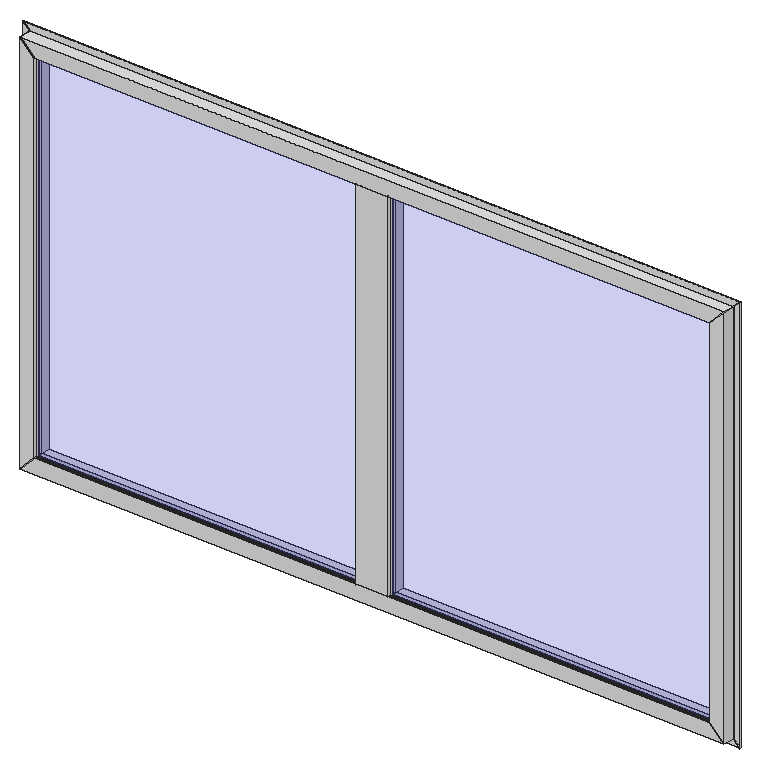
Revit family "511_2H_PW_nailfin", category Windows, host Wall, Revit 2016
Family settings
  Host = Wall
  OmniClass Number = 23.30.20.00
  OmniClass Title = Windows
  Always vertical = Yes
  Cut with Voids When Loaded = No
  Shared = No
  Room Calculation Point = No
Parameters (values of type "120x66")
  Supercap visibility [instance] = ""
  External Color [instance] = White
  Rough Height = 2.33479"
  MLW2 = 2 / 3 * MLW  # 5 1/2"
  MLW = 1 / 8 * Height  # 8 1/4"
  MLH = 1 / 2 * Height  # 33"
  Height = 66"
  Default Sill Height = 31.49606"
  Wall Closure = By host
  Width = 120"
  Internal Color [instance] = White
  Bar set = 1 / 2 * Width  # 60"
Types (140): name | External Color | MLW2 | MLW | MLH | Height | Width | Internal Color | Bar set
  (no name) | White | 5 1/2" | 8 1/4" | 33" | 66" | 120" | White | 60"
  72x36 | none | 3" | 4 1/2" | 18" | 36" | 72" | White | 36"
  48x24 | Adobe | 2" | 3" | 12" | 24" | 48" | Adobe | 24"
  24x12Min | none | 1" | 1 1/2" | 6" | 12" | 24" | White | 12"
  120x72Max | White | 6" | 9" | 36" | 72" | 120" | White | 60"
  108x54 | White | 4 1/2" | 6 3/4" | 27" | 54" | 108" | White | 54"
  96x48 | White | 4" | 6" | 24" | 48" | 96" | White | 48"
  84x42 | White | 3 1/2" | 5 1/4" | 21" | 42" | 84" | White | 42"
  60x30 | Tan | 2 1/2" | 3 3/4" | 15" | 30" | 60" | Tan | 30"
  36x18 | Tan | 1 1/2" | 2 1/4" | 9" | 18" | 36" | Tan | 18"
  24x18 | White | 1 1/2" | 2 1/4" | 9" | 18" | 24" | White | 12"
  24x24 | White | 2" | 3" | 12" | 24" | 24" | White | 12"
  24x30 | White | 2 1/2" | 3 3/4" | 15" | 30" | 24" | White | 12"
  24x36 | White | 3" | 4 1/2" | 18" | 36" | 24" | White | 12"
  24x42 | White | 3 1/2" | 5 1/4" | 21" | 42" | 24" | White | 12"
  24x48 | White | 4" | 6" | 24" | 48" | 24" | White | 12"
  24x54 | White | 4 1/2" | 6 3/4" | 27" | 54" | 24" | White | 12"
  36x12 | Tan | 1" | 1 1/2" | 6" | 12" | 36" | Tan | 18"
  30x12 | Tan | 1" | 1 1/2" | 6" | 12" | 30" | Tan | 15"
  30x18 | Tan | 1 1/2" | 2 1/4" | 9" | 18" | 30" | Tan | 15"
  30x24 | Tan | 2" | 3" | 12" | 24" | 30" | Tan | 15"
  30x30 | Tan | 2 1/2" | 3 3/4" | 15" | 30" | 30" | Tan | 15"
  30x36 | Tan | 3" | 4 1/2" | 18" | 36" | 30" | Tan | 15"
  30x42 | Tan | 3 1/2" | 5 1/4" | 21" | 42" | 30" | Tan | 15"
  30x48 | Tan | 4" | 6" | 24" | 48" | 30" | Tan | 15"
  30x54 | Tan | 4 1/2" | 6 3/4" | 27" | 54" | 30" | Tan | 15"
  30x60 | Tan | 5" | 7 1/2" | 30" | 60" | 30" | Tan | 15"
  36x24 | Tan | 2" | 3" | 12" | 24" | 36" | Tan | 18"
  36x30 | Tan | 2 1/2" | 3 3/4" | 15" | 30" | 36" | Tan | 18"
  36x36 | Tan | 3" | 4 1/2" | 18" | 36" | 36" | Tan | 18"
  36x42 | Tan | 3 1/2" | 5 1/4" | 21" | 42" | 36" | Tan | 18"
  36x48 | Tan | 4" | 6" | 24" | 48" | 36" | Tan | 18"
  36x54 | Tan | 4 1/2" | 6 3/4" | 27" | 54" | 36" | Tan | 18"
  36x60 | Tan | 5" | 7 1/2" | 30" | 60" | 36" | Tan | 18"
  36x66 | Tan | 5 1/2" | 8 1/4" | 33" | 66" | 36" | Tan | 18"
  42x24 | Adobe | 2" | 3" | 12" | 24" | 42" | Adobe | 21"
  42x12 | Adobe | 1" | 1 1/2" | 6" | 12" | 42" | Adobe | 21"
  42x18 | Adobe | 1 1/2" | 2 1/4" | 9" | 18" | 42" | Adobe | 21"
  42x30 | Adobe | 2 1/2" | 3 3/4" | 15" | 30" | 42" | Adobe | 21"
  42x36 | Adobe | 3" | 4 1/2" | 18" | 36" | 42" | Adobe | 21"
  42x42 | Adobe | 3 1/2" | 5 1/4" | 21" | 42" | 42" | Adobe | 21"
  42x48 | Adobe | 4" | 6" | 24" | 48" | 42" | Adobe | 21"
  42x54 | Adobe | 4 1/2" | 6 3/4" | 27" | 54" | 42" | Adobe | 21"
  42x60 | Adobe | 5" | 7 1/2" | 30" | 60" | 42" | Adobe | 21"
  42x66 | Adobe | 5 1/2" | 8 1/4" | 33" | 66" | 42" | Adobe | 21"
  42x72 | Adobe | 6" | 9" | 36" | 72" | 42" | Adobe | 21"
  48x12 | Adobe | 1" | 1 1/2" | 6" | 12" | 48" | Adobe | 24"
  48x18 | Adobe | 1 1/2" | 2 1/4" | 9" | 18" | 48" | Adobe | 24"
  48x30 | Adobe | 2 1/2" | 3 3/4" | 15" | 30" | 48" | Adobe | 24"
  48x36 | Adobe | 3" | 4 1/2" | 18" | 36" | 48" | Adobe | 24"
  48x42 | Adobe | 3 1/2" | 5 1/4" | 21" | 42" | 48" | Adobe | 24"
  48x48 | Adobe | 4" | 6" | 24" | 48" | 48" | Adobe | 24"
  48x54 | Adobe | 4 1/2" | 6 3/4" | 27" | 54" | 48" | Adobe | 24"
  48x60 | Adobe | 5" | 7 1/2" | 30" | 60" | 48" | Adobe | 24"
  48x66 | Adobe | 5 1/2" | 8 1/4" | 33" | 66" | 48" | Adobe | 24"
  48x72 | Adobe | 6" | 9" | 36" | 72" | 48" | Adobe | 24"
  54x18 | Adobe | 1 1/2" | 2 1/4" | 9" | 18" | 54" | Adobe | 27"
  54x24 | Adobe | 2" | 3" | 12" | 24" | 54" | Adobe | 27"
  54x30 | Adobe | 2 1/2" | 3 3/4" | 15" | 30" | 54" | Adobe | 27"
  54x36 | Adobe | 3" | 4 1/2" | 18" | 36" | 54" | Adobe | 27"
  54x42 | Adobe | 3 1/2" | 5 1/4" | 21" | 42" | 54" | Adobe | 27"
  54x48 | Adobe | 4" | 6" | 24" | 48" | 54" | Adobe | 27"
  54x54 | Adobe | 4 1/2" | 6 3/4" | 27" | 54" | 54" | Adobe | 27"
  54x60 | Adobe | 5" | 7 1/2" | 30" | 60" | 54" | Adobe | 27"
  54x66 | Adobe | 5 1/2" | 8 1/4" | 33" | 66" | 54" | Adobe | 27"
  54x72 | Adobe | 6" | 9" | 36" | 72" | 54" | Adobe | 27"
  60x24 | Tan | 2" | 3" | 12" | 24" | 60" | Tan | 30"
  60x36 | Tan | 3" | 4 1/2" | 18" | 36" | 60" | Tan | 30"
  60x42 | Tan | 3 1/2" | 5 1/4" | 21" | 42" | 60" | Tan | 30"
  60x48 | Tan | 4" | 6" | 24" | 48" | 60" | Tan | 30"
  60x54 | Tan | 4 1/2" | 6 3/4" | 27" | 54" | 60" | Tan | 30"
  60x60 | Tan | 5" | 7 1/2" | 30" | 60" | 60" | Tan | 30"
  60x66 | Tan | 5 1/2" | 8 1/4" | 33" | 66" | 60" | Tan | 30"
  60x72 | Tan | 6" | 9" | 36" | 72" | 60" | Tan | 30"
  66x30 | Tan | 2 1/2" | 3 3/4" | 15" | 30" | 66" | Tan | 33"
  66x36 | Tan | 3" | 4 1/2" | 18" | 36" | 66" | Tan | 33"
  66x42 | Tan | 3 1/2" | 5 1/4" | 21" | 42" | 66" | Tan | 33"
  66x48 | Tan | 4" | 6" | 24" | 48" | 66" | Tan | 33"
  66x54 | Tan | 4 1/2" | 6 3/4" | 27" | 54" | 66" | Tan | 33"
  66x60 | Tan | 5" | 7 1/2" | 30" | 60" | 66" | Tan | 33"
  66x66 | Tan | 5 1/2" | 8 1/4" | 33" | 66" | 66" | Tan | 33"
  66x72 | Tan | 6" | 9" | 36" | 72" | 66" | Tan | 33"
  72x42 | none | 3 1/2" | 5 1/4" | 21" | 42" | 72" | White | 36"
  72x48 | none | 4" | 6" | 24" | 48" | 72" | White | 36"
  72x54 | none | 4 1/2" | 6 3/4" | 27" | 54" | 72" | White | 36"
  72x60 | none | 5" | 7 1/2" | 30" | 60" | 72" | White | 36"
  72x66 | none | 5 1/2" | 8 1/4" | 33" | 66" | 72" | White | 36"
  72x72 | none | 6" | 9" | 36" | 72" | 72" | White | 36"
  78x36 | none | 3" | 4 1/2" | 18" | 36" | 78" | White | 39"
  78x42 | none | 3 1/2" | 5 1/4" | 21" | 42" | 78" | White | 39"
  78x48 | none | 4" | 6" | 24" | 48" | 78" | White | 39"
  78x54 | none | 4 1/2" | 6 3/4" | 27" | 54" | 78" | White | 39"
  78x60 | none | 5" | 7 1/2" | 30" | 60" | 78" | White | 39"
  78x66 | none | 5 1/2" | 8 1/4" | 33" | 66" | 78" | White | 39"
  78x72 | none | 6" | 9" | 36" | 72" | 78" | White | 39"
  84x36 | White | 3" | 4 1/2" | 18" | 36" | 84" | White | 42"
  84x48 | White | 4" | 6" | 24" | 48" | 84" | White | 42"
  84x54 | White | 4 1/2" | 6 3/4" | 27" | 54" | 84" | White | 42"
  84x60 | White | 5" | 7 1/2" | 30" | 60" | 84" | White | 42"
  84x66 | White | 5 1/2" | 8 1/4" | 33" | 66" | 84" | White | 42"
  84x72 | White | 6" | 9" | 36" | 72" | 84" | White | 42"
  90x36 | White | 3" | 4 1/2" | 18" | 36" | 90" | White | 45"
  90x42 | White | 3 1/2" | 5 1/4" | 21" | 42" | 90" | White | 45"
  90x48 | White | 4" | 6" | 24" | 48" | 90" | White | 45"
  90x54 | White | 4 1/2" | 6 3/4" | 27" | 54" | 90" | White | 45"
  90x60 | White | 5" | 7 1/2" | 30" | 60" | 90" | White | 45"
  90x66 | White | 5 1/2" | 8 1/4" | 33" | 66" | 90" | White | 45"
  90x72 | White | 6" | 9" | 36" | 72" | 90" | White | 45"
  96x36 | White | 3" | 4 1/2" | 18" | 36" | 96" | White | 48"
  96x42 | White | 3 1/2" | 5 1/4" | 21" | 42" | 96" | White | 48"
  96x54 | White | 4 1/2" | 6 3/4" | 27" | 54" | 96" | White | 48"
  96x60 | White | 5" | 7 1/2" | 30" | 60" | 96" | White | 48"
  96x66 | White | 5 1/2" | 8 1/4" | 33" | 66" | 96" | White | 48"
  96x72 | White | 6" | 9" | 36" | 72" | 96" | White | 48"
  102x36 | White | 3" | 4 1/2" | 18" | 36" | 102" | White | 51"
  102x42 | White | 3 1/2" | 5 1/4" | 21" | 42" | 102" | White | 51"
  102x48 | White | 4" | 6" | 24" | 48" | 102" | White | 51"
  102x54 | White | 4 1/2" | 6 3/4" | 27" | 54" | 102" | White | 51"
  102x60 | White | 5" | 7 1/2" | 30" | 60" | 102" | White | 51"
  102x66 | White | 5 1/2" | 8 1/4" | 33" | 66" | 102" | White | 51"
  102x72 | White | 6" | 9" | 36" | 72" | 102" | White | 51"
  108x36 | White | 3" | 4 1/2" | 18" | 36" | 108" | White | 54"
  108x42 | White | 3 1/2" | 5 1/4" | 21" | 42" | 108" | White | 54"
  108x48 | White | 4" | 6" | 24" | 48" | 108" | White | 54"
  108x60 | White | 5" | 7 1/2" | 30" | 60" | 108" | White | 54"
  108x66 | White | 5 1/2" | 8 1/4" | 33" | 66" | 108" | White | 54"
  108x72 | White | 6" | 9" | 36" | 72" | 108" | White | 54"
  114x36 | White | 3" | 4 1/2" | 18" | 36" | 114" | White | 57"
  114x42 | White | 3 1/2" | 5 1/4" | 21" | 42" | 114" | White | 57"
  114x48 | White | 4" | 6" | 24" | 48" | 114" | White | 57"
  114x54 | White | 4 1/2" | 6 3/4" | 27" | 54" | 114" | White | 57"
  114x60 | White | 5" | 7 1/2" | 30" | 60" | 114" | White | 57"
  114x66 | White | 5 1/2" | 8 1/4" | 33" | 66" | 114" | White | 57"
  114x72 | White | 6" | 9" | 36" | 72" | 114" | White | 57"
  120x36 | White | 3" | 4 1/2" | 18" | 36" | 120" | White | 60"
  120x42 | White | 3 1/2" | 5 1/4" | 21" | 42" | 120" | White | 60"
  120x48 | White | 4" | 6" | 24" | 48" | 120" | White | 60"
  120x54 | White | 4 1/2" | 6 3/4" | 27" | 54" | 120" | White | 60"
  120x60 | White | 5" | 7 1/2" | 30" | 60" | 120" | White | 60"
  120x66 | White | 5 1/2" | 8 1/4" | 33" | 66" | 120" | White | 60"
Reference planes (in)
  plane 1 "Center (Front/Back)": y = 0
  plane 2 "Center (Left/Right)": x = 0
  plane 3 "Left": x = -60
  plane 4 "Right": x = 60
  plane 5 "Sill": z = 31.49606
  plane 6 "Head": z = 97.49606
  plane 7 "Exterior": y = 3.93701
  plane 8 "Interior": y = -3.93701
  plane 9 "Front of wall": y = 3.93701
  plane 10: z = 33.55906
  plane 11: z = 95.43306
  plane 12: x = -57.937
  plane 13: x = 57.937
  plane 14 "Bar set": x = 0
  plane 15: x = -2.437
  plane 16: x = 2.437
Forms (in)
  Extrusion 1, solid, material "White" <- "Internal Color"
    sketch origin (0, 0, 55.49606) x (1, 0, 0) y (0, 1, 0)
      loop
        line (-2.75, 2.26201) -> (-2.75, 1.88701) -> (2.75, 1.88701) -> (2.75, 2.26201) -> (2.937, 2.26201) -> (2.937, 2.51251) -> (2.437, 2.51251) -> (2.437, 3.25701) -> (2.94035, 3.25701) -> (2.94035, 4.78995) -> (1.0271, 4.78995) -> (0.94319, 5.38701) -> (-0.94319, 5.38701) -> (-1.0271, 4.78995) -> (-2.94035, 4.78995) -> (-2.94035, 3.25701) -> (-2.437, 3.25701) -> (-2.437, 2.51251) -> (-2.937, 2.51251) -> (-2.938, 2.26201) -> (-2.75, 2.26201)
    from -24 to 42
  Extrusion 2, solid, material "Glass"
    sketch origin (0, 0, 55.49606) x (1, 0, 0) y (0, 1, 0)
      loop
        line (-2.437, 3.25701) -> (-57.937, 3.25701) -> (-57.937, 2.51251) -> (-2.437, 2.51251) -> (-2.437, 3.25701)
    from -21.937 to 39.937
  Extrusion 3, solid, material "Glass"
    sketch origin (0, 0, 55.49606) x (1, 0, 0) y (0, 1, 0)
      loop
        line (2.437, 3.25701) -> (2.437, 2.51251) -> (57.937, 2.51251) -> (57.937, 3.25701) -> (2.437, 3.25701)
    from -21.937 to 39.937
  Sweep 4, void
    path in 3D
      loop
        line (0, 10.47955, 96.4105) -> (0, 3.93701, 96.4105)
    profile origin (0, 7.20828, 96.4105) x (0, 0, 1) y (-1, 0, 0)
      loop
        line (0.75102, -2.84938) -> (3.00102, -2.84938) -> (3.00102, 3.40062) -> (0.75102, 3.40062) -> (0.75102, -2.84938)
  Sweep 5, void
    path in 3D
      loop
        line (0, 10.6619, 34.64927) -> (0, 3.93701, 34.64927)
    profile origin (0, 7.29946, 34.64927) x (0, 0, 1) y (-1, 0, 0)
      loop
        line (-2.89318, -3.21193) -> (-2.89318, 2.89985) -> (-4.89318, 2.89985) -> (-4.89318, -3.21193) -> (-2.89318, -3.21193)
  Sweep 6, void
    path in 3D
      loop
        line (0, 10.47955, 96.4105) -> (0, 3.93701, 96.4105)
    profile origin (0, 7.20828, 96.4105) x (0, 0, 1) y (-1, 0, 0)
      loop
        line (-1.48075, 4.66942) -> (-1.48075, 1.0271) -> (0.51737, 1.0271) -> (0.51737, -1.0271) -> (-1.48075, -1.0271) -> (-1.48075, -4.313) -> (2.51925, -4.313) -> (2.51925, 4.66942) -> (-1.48075, 4.66942)
  Sweep 7, void
    path in 3D
      loop
        line (0, 10.6619, 34.64927) -> (0, 3.93701, 34.64927)
    profile origin (0, 7.29946, 34.64927) x (0, 0, 1) y (-1, 0, 0)
      loop
        line (-0.58691, -4.39604) -> (-0.58691, -1.0271) -> (-2.58502, -1.0271) -> (-2.58502, 1.0271) -> (-0.58691, 1.0271) -> (-0.58691, 4.35396) -> (-5.33691, 4.35396) -> (-5.33691, -4.39604) -> (-0.58691, -4.39604)
  Extrusion 8, void
    sketch origin (0, 3.93701, 0) x (1, 0, 0) y (0, 0, 1)
      loop
        line (-4.19035, 34.05906) -> (-4.19035, 30.93556) -> (3.938, 30.93556) -> (3.938, 34.05906) -> (2.75, 34.05906) -> (2.75, 33.87106) -> (-2.75, 33.87106) -> (-2.75, 34.05906) -> (-4.19035, 34.05906)
    from 0 to 12
  Extrusion 9, void
    sketch origin (0, 3.93701, 0) x (1, 0, 0) y (0, 0, 1)
      loop
        line (-3.5, 94.93306) -> (-2.75, 94.93306) -> (-2.75, 95.12106) -> (2.75, 95.12106) -> (2.75, 94.93306) -> (3.5, 94.93306) -> (3.5, 97.95213) -> (-3.5, 97.95213) -> (-3.5, 94.93306)
    from 0 to 12
  Extrusion 10, solid, material "White" <- "Internal Color"
    sketch origin (0, 0, 0) x (0, 0, 1) y (0, 1, 0)
      loop
        line (34.05906, 2.51251) -> (33.55906, 2.51251) -> (33.55906, 3.25701) -> (34.06237, 3.25701) -> (34.06237, 4.78995) -> (32.14816, 4.78995) -> (32.06425, 5.38701) -> (31.47606, 5.38701) -> (31.47606, 5.26201) -> (31.51606, 5.26201) -> (31.51606, 5.10257) -> (31.49606, 5.07401) -> (31.49606, 4.01201) -> (30.37106, 4.01201) -> (30.37106, 3.93701) -> (31.49606, 3.93701) -> (31.49606, 1.88701) -> (33.87106, 1.88701) -> (33.87106, 2.26201) -> (34.05906, 2.26201) -> (34.05906, 2.51251)
    from -61.125 to 61.125
  Extrusion 11, solid, material "White" <- "Internal Color"
    sketch origin (0, 0, 0) x (0, 0, 1) y (0, 1, 0)
      loop
        line (97.47606, 5.10257) -> (97.47606, 5.26201) -> (97.51606, 5.26201) -> (97.51606, 5.38701) -> (96.92787, 5.38701) -> (96.84396, 4.78995) -> (94.93098, 4.78995) -> (94.93098, 3.25701) -> (95.43306, 3.25701) -> (95.43306, 2.51251) -> (94.93306, 2.51251) -> (94.93306, 2.26201) -> (95.12106, 2.26201) -> (95.12106, 1.88701) -> (97.49606, 1.88701) -> (97.49606, 3.93701) -> (98.62106, 3.93701) -> (98.62106, 4.01201) -> (97.49606, 4.01201) -> (97.49606, 5.07401) -> (97.47606, 5.10257)
    from -61.125 to 61.125
  Extrusion 12, solid, material "White" <- "Internal Color"
    sketch origin (0, 0, 31.49606) x (0, -1, 0) y (1, 0, 0)
      loop
        line (-2.51251, -57.437) -> (-2.51251, -57.937) -> (-3.25701, -57.937) -> (-3.25701, -57.41365) -> (-4.78995, -57.41365) -> (-4.78995, -59.3479) -> (-5.38701, -59.43181) -> (-5.38701, -60.02) -> (-5.26201, -60.02) -> (-5.26201, -59.98) -> (-5.10257, -59.98) -> (-5.07401, -60) -> (-4.01201, -60) -> (-4.01201, -61.125) -> (-3.93701, -61.125) -> (-3.93701, -60) -> (-1.88701, -60) -> (-1.88701, -57.625) -> (-2.26201, -57.625) -> (-2.26201, -57.437) -> (-2.51251, -57.437)
    from -1.125 to 67.125
  Extrusion 13, solid, material "White" <- "Internal Color"
    sketch origin (0, 0, 31.49606) x (0, -1, 0) y (1, 0, 0)
      loop
        line (-5.10257, 59.98) -> (-5.26201, 59.98) -> (-5.26201, 60.02) -> (-5.38701, 60.02) -> (-5.38701, 59.43181) -> (-4.78995, 59.3479) -> (-4.78995, 57.43492) -> (-3.25701, 57.43492) -> (-3.25701, 57.937) -> (-2.51251, 57.937) -> (-2.51251, 57.437) -> (-2.26201, 57.437) -> (-2.26201, 57.625) -> (-1.88701, 57.625) -> (-1.88701, 60) -> (-3.93701, 60) -> (-3.93701, 61.125) -> (-4.01201, 61.125) -> (-4.01201, 60) -> (-5.07401, 60) -> (-5.10257, 59.98)
    from -1.125 to 67.125
  Sweep 14, void
    path in 3D
      loop
        line (-58.75, 10.47955, 97.49606) -> (-58.75, 3.93701, 97.49606)
    profile origin (-58.75, 7.20828, 97.49606) x (1, 0, 0) y (0, 0, 1)
      loop
        line (1.75, -2.56508) -> (1.75, 1.90792) -> (-3.15792, 1.90792) -> (-0.5979, -0.6521) -> (-0.5979, -2.56508) -> (1.75, -2.56508)
  Sweep 15, void
    path in 3D
      loop
        line (-58.75, 10.47955, 97.49606) -> (-58.75, 3.93701, 97.49606)
    profile origin (-58.75, 7.20828, 97.49606) x (1, 0, 0) y (0, 0, 1)
      loop
        line (-0.5979, -3.32499) -> (-0.5979, -0.6521) -> (-2.59439, 1.34439) -> (-2.59439, -3.32499) -> (-0.5979, -3.32499)
  Sweep 16, void
    path in 3D
      loop
        line (-57, 10.47955, 31.49606) -> (-57, 3.93701, 31.49606)
    profile origin (-57, 7.20828, 31.49606) x (1, 0, 0) y (0, 0, 1)
      loop
        line (1, 2.56631) -> (-2.3479, 2.56631) -> (-2.3479, 0.6521) -> (-4.99955, -1.99955) -> (1, -1.99955) -> (1, 2.56631)
  Sweep 17, void
    path in 3D
      loop
        line (-57, 10.47955, 31.49606) -> (-57, 3.93701, 31.49606)
    profile origin (-57, 7.20828, 31.49606) x (1, 0, 0) y (0, 0, 1)
      loop
        line (-4.66232, -1.66232) -> (-2.3479, 0.6521) -> (-2.3479, 3.6521) -> (-4.66232, 3.6521) -> (-4.66232, -1.66232)
  Sweep 18, void
    path in 3D
      loop
        line (59.25887, 8.33775, 31.49606) -> (59.25887, 3.93701, 31.49606)
    profile origin (59.25887, 6.13738, 31.49606) x (1, 0, 0) y (0, 0, 1)
      loop
        line (-3.00887, 2.56631) -> (-3.00887, -1.33868) -> (2.07981, -1.33868) -> (0.08903, 0.6521) -> (0.08903, 2.56631) -> (-3.00887, 2.56631)
  Sweep 19, void
    path in 3D
      loop
        line (59.25887, 8.33775, 31.49606) -> (59.25887, 3.93701, 31.49606)
    profile origin (59.25887, 6.13738, 31.49606) x (1, 0, 0) y (0, 0, 1)
      loop
        line (0.08903, 3.14112) -> (0.08903, 0.6521) -> (2.29937, -1.55824) -> (2.29937, 3.14112) -> (0.08903, 3.14112)
  Extrusion 20, void
    sketch origin (0, 3.93701, 0) x (1, 0, 0) y (0, 0, 1)
      loop
        line (-57, 94.93306) -> (-57, 100.07081) -> (-62.57475, 100.07081) -> (-57.625, 95.12106) -> (-57.625, 94.93306) -> (-57, 94.93306)
    from 0 to 12
  Extrusion 21, void
    sketch origin (0, 3.93701, 0) x (1, 0, 0) y (0, 0, 1)
      loop
        line (-57.625, 93.99606) -> (-57.625, 95.12106) -> (-61.44686, 98.94293) -> (-61.44686, 93.99606) -> (-57.625, 93.99606)
    from 0 to 12
  Extrusion 22, void
    sketch origin (0, 3.93701, 0) x (1, 0, 0) y (0, 0, 1)
      loop
        line (55.75, 94.93306) -> (57.625, 94.93306) -> (57.625, 95.12106) -> (63.63541, 101.13147) -> (55.75, 101.13147) -> (55.75, 94.93306)
    from 0 to 12
  Extrusion 23, void
    sketch origin (0, 3.93701, 0) x (1, 0, 0) y (0, 0, 1)
      loop
        line (57.625, 94.24606) -> (62.25, 94.24606) -> (62.25, 99.74606) -> (57.625, 95.12106) -> (57.625, 94.24606)
    from 0 to 12
  Extrusion 24, void
    sketch origin (0, 3.93701, 0) x (1, 0, 0) y (0, 0, 1)
      loop
        line (56.25, 34.05906) -> (56.25, 29.27487) -> (62.22119, 29.27487) -> (57.625, 33.87106) -> (57.625, 34.05906) -> (56.25, 34.05906)
    from 0 to 12
  Extrusion 25, void
    sketch origin (0, 3.93701, 0) x (1, 0, 0) y (0, 0, 1)
      loop
        line (57.625, 35.24606) -> (57.625, 33.87106) -> (62.39797, 29.09809) -> (62.39797, 35.24606) -> (57.625, 35.24606)
    from 0 to 12
  Extrusion 26, void
    sketch origin (0, 3.93701, 0) x (1, 0, 0) y (0, 0, 1)
      loop
        line (-55.75, 34.05906) -> (-57.625, 34.05906) -> (-57.625, 33.87106) -> (-61.687, 29.80906) -> (-55.75, 29.80906) -> (-55.75, 34.05906)
    from 0 to 12
  Extrusion 27, void
    sketch origin (0, 3.93701, 0) x (1, 0, 0) y (0, 0, 1)
      loop
        line (-57.625, 35.24606) -> (-61.69086, 35.24606) -> (-61.69086, 29.8052) -> (-57.625, 33.87106) -> (-57.625, 35.24606)
    from 0 to 12
  Sweep 28, void
    path in 3D
      loop
        line (56.43708, 8.9863, 97.49606) -> (56.43708, 3.93701, 97.49606)
    profile origin (56.43708, 6.46166, 97.49606) x (1, 0, 0) y (0, 0, 1)
      loop
        line (0.20892, -2.56508) -> (2.91082, -2.56508) -> (2.91082, -0.65211) -> (5.20892, 1.64599) -> (0.20892, 1.64599) -> (0.20892, -2.56508)
  Sweep 29, void
    path in 3D
      loop
        line (56.43708, 8.9863, 97.49606) -> (56.43708, 3.93701, 97.49606)
    profile origin (56.43708, 6.46166, 97.49606) x (1, 0, 0) y (0, 0, 1)
      loop
        line (2.91082, -3.86782) -> (5.38569, -3.86782) -> (5.38569, 1.82277) -> (2.91082, -0.6521) -> (2.91082, -3.86782)
Cuts and joins
  Sweep 4, Sweep 5, Sweep 6, Sweep 7, Extrusion 8, Extrusion 9 cuts Extrusion 1
  Extrusion 9 cuts Extrusion 2
  Extrusion 9 cuts Extrusion 3
  Sweep 18, Extrusion 22, Extrusion 24, Sweep 28 cuts Extrusion 13
  Sweep 15, Extrusion 21, Extrusion 23, Sweep 29 cuts Extrusion 11
  Sweep 14, Sweep 16, Extrusion 20, Extrusion 26 cuts Extrusion 12
  Sweep 17, Sweep 19, Extrusion 25, Extrusion 27 cuts Extrusion 10
Lines and regions (in)
  Opening 1
    outline origin (137.79528, -3.93701, 0) x (1, 0, 0) y (0, 0, 1)
      loop
        line (-77.79528, 31.49606) -> (-77.79528, 97.49606) -> (-197.79528, 97.49606) -> (-197.79528, 31.49606) -> (-77.79528, 31.49606)
  reference lines
    curve 1: line (60, 3.93701, 97.49606) -> (-60, 3.93701, 97.49606)
    curve 2: line (-60, 3.93701, 97.49606) -> (-60, 3.93701, 31.49606)
    curve 3: line (-60, 3.93701, 31.49606) -> (60, 3.93701, 31.49606)
    curve 4: line (60, 3.93701, 31.49606) -> (60, 3.93701, 97.49606)
    curve 5: line (0, 10.6619, 34.64927) -> (0, 3.93701, 34.64927)
    curve 6: line (0, 10.47955, 96.4105) -> (0, 3.93701, 96.4105)
    curve 11: line (-58.75, 10.47955, 97.49606) -> (-58.75, 3.93701, 97.49606)
    curve 12: line (-57, 10.47955, 31.49606) -> (-57, 3.93701, 31.49606)
    curve 13: line (59.25887, 8.33775, 31.49606) -> (59.25887, 3.93701, 31.49606)
    curve 20: line (56.43708, 8.9863, 97.49606) -> (56.43708, 3.93701, 97.49606)
    curve 23: line (-27.5, 3.93701, 66.99606) -> (-32.5, 3.93701, 66.99606)
    curve 24: line (-27.5, 3.93701, 61.99606) -> (-27.5, 3.93701, 66.99606)
    curve 25: line (-32.5, 3.93701, 61.99606) -> (-27.5, 3.93701, 61.99606)
    curve 26: line (-32.5, 3.93701, 66.99606) -> (-32.5, 3.93701, 61.99606)
    curve 30: line (-30, 3.93701, 61.99606) -> (-30, 3.93701, 68.49606)
    curve 31: line (-27.5, 3.93701, 64.49606) -> (-35, 3.93701, 64.49606)
    curve 32: line (32.5, 3.93701, 66.99606) -> (27.5, 3.93701, 66.99606)
    curve 33: line (32.5, 3.93701, 61.99606) -> (32.5, 3.93701, 66.99606)
    curve 34: line (27.5, 3.93701, 61.99606) -> (32.5, 3.93701, 61.99606)
    curve 35: line (27.5, 3.93701, 66.99606) -> (27.5, 3.93701, 61.99606)
    curve 39: line (30, 3.93701, 61.99606) -> (30, 3.93701, 68.49606)
    curve 40: line (32.5, 3.93701, 64.49606) -> (25, 3.93701, 64.49606)
    curve 41: line (32.5, 0, 66.99606) -> (27.5, 0, 66.99606)
    curve 42: line (32.5, 0, 61.99606) -> (32.5, 0, 66.99606)
    curve 43: line (27.5, 0, 61.99606) -> (32.5, 0, 61.99606)
    curve 44: line (27.5, 0, 66.99606) -> (27.5, 0, 61.99606)
    curve 45: line (30, 0, 61.99606) -> (30, 0, 68.49606)
    curve 46: line (32.5, 0, 64.49606) -> (25, 0, 64.49606)
    curve 47: line (-27.5, 0, 66.99606) -> (-32.5, 0, 66.99606)
    curve 48: line (-27.5, 0, 61.99606) -> (-27.5, 0, 66.99606)
    curve 49: line (-32.5, 0, 61.99606) -> (-27.5, 0, 61.99606)
    curve 50: line (-32.5, 0, 66.99606) -> (-32.5, 0, 61.99606)
    curve 51: line (-30, 0, 61.99606) -> (-30, 0, 68.49606)
    curve 52: line (-27.5, 0, 64.49606) -> (-35, 0, 64.49606)
  sketch lines
    curve 7: line (0, 10.47955, 96.4105) -> (0, 3.93701, 96.4105)
    curve 8: line (0, 10.6619, 34.64927) -> (0, 3.93701, 34.64927)
    curve 9: line (0, 10.47955, 96.4105) -> (0, 3.93701, 96.4105)
    curve 10: line (0, 10.6619, 34.64927) -> (0, 3.93701, 34.64927)
    curve 14: line (-58.75, 10.47955, 97.49606) -> (-58.75, 3.93701, 97.49606)
    curve 15: line (-58.75, 10.47955, 97.49606) -> (-58.75, 3.93701, 97.49606)
    curve 16: line (-57, 10.47955, 31.49606) -> (-57, 3.93701, 31.49606)
    curve 17: line (-57, 10.47955, 31.49606) -> (-57, 3.93701, 31.49606)
    curve 18: line (59.25887, 8.33775, 31.49606) -> (59.25887, 3.93701, 31.49606)
    curve 19: line (59.25887, 8.33775, 31.49606) -> (59.25887, 3.93701, 31.49606)
    curve 21: line (56.43708, 8.9863, 97.49606) -> (56.43708, 3.93701, 97.49606)
    curve 22: line (56.43708, 8.9863, 97.49606) -> (56.43708, 3.93701, 97.49606)
  model lines
    curve 27: line (-27.5, 3.93701, 66.99606) -> (-32.5, 3.93701, 61.99606)
    curve 28: line (-32.5, 3.93701, 64.49606) -> (-30, 3.93701, 66.99606)
    curve 29: line (-30, 3.93701, 61.99606) -> (-27.5, 3.93701, 64.49606)
    curve 36: line (32.5, 3.93701, 66.99606) -> (27.5, 3.93701, 61.99606)
    curve 37: line (27.5, 3.93701, 64.49606) -> (30, 3.93701, 66.99606)
    curve 38: line (30, 3.93701, 61.99606) -> (32.5, 3.93701, 64.49606)
  symbolic lines
    curve 53: line (-30, 0, 61.99606) -> (-27.5, 0, 64.49606)
    curve 54: line (-32.5, 0, 61.99606) -> (-27.5, 0, 66.99606)
    curve 55: line (-32.5, 0, 64.49606) -> (-30, 0, 66.99606)
    curve 56: line (30, 0, 61.99606) -> (32.5, 0, 64.49606)
    curve 57: line (27.5, 0, 61.99606) -> (32.5, 0, 66.99606)
    curve 58: line (27.5, 0, 64.49606) -> (30, 0, 66.99606)
Text (in)
  text "EXTERIOR" at (-77.29147, 52.45485, 0), in view "Ref. Level"
  text "INTERIOR" at (-78.01048, -32.21994, 0), in view "Ref. Level"
  text "Exterior" at (0, 36.36817, 115.8778), in view "Right"
  text "Exterior" at (0, 40.96394, 105.72475), in view "Left"
Dimensions and locks (in)
  equal spacing: plane 3 "Left", plane 2 "Center (Left/Right)", plane 4 "Right"
  "Width": plane 3 "Left" to plane 4 "Right"
  "Height": plane 5 "Sill" to plane 6 "Head"
  "Default Sill Height": plane 5 "Sill" to level
  locked: plane 7 "Exterior" to host wall at 0
  locked: plane 8 "Interior" to host wall
  locked: plane 5 "Sill" to plane 10 at 2.063
  locked: plane 11 to plane 6 "Head" at 2.063
  locked: plane 13 to plane 4 "Right" at 2.063
  locked: plane 3 "Left" to plane 12 at 2.063
  "Bar set": plane 14 "Bar set" to plane 4 "Right"
  plane 15 to plane 14 "Bar set" = 2.437"
  plane 14 "Bar set" to plane 16 = 2.437"
  locked: Extrusion 1 sketch curve to plane 14 "Bar set" at 1.0271
  locked: plane 14 "Bar set" to Extrusion 1 sketch curve at 1.0271
  locked: Extrusion 1 sketch curve to plane 14 "Bar set" at 2.75
  locked: plane 14 "Bar set" to Extrusion 1 sketch curve at 2.75
  locked: Extrusion 10 sketch curve to plane 5 "Sill" at 1.125
  locked: plane 9 "Front of wall" to Extrusion 10 sketch curve at 2.05
  locked: Extrusion 10 sketch curve to Extrusion 10 sketch curve at 2.375
  locked: plane 6 "Head" to Extrusion 11 sketch curve at 1.125
  locked: plane 9 "Front of wall" to Extrusion 11 sketch curve at 2.05
  locked: Extrusion 11 sketch curve to Extrusion 11 sketch curve at 2.375
  locked: Extrusion 12 sketch curve to plane 3 "Left" at 1.125
  locked: Extrusion 12 sketch curve to plane 9 "Front of wall" at 2.05
  locked: Extrusion 12 sketch curve to Extrusion 12 sketch curve at 2.375
  locked: plane 4 "Right" to Extrusion 13 sketch curve at 1.125
  locked: Extrusion 13 sketch curve to plane 9 "Front of wall" at 2.05
  locked: Extrusion 13 sketch curve to Extrusion 13 sketch curve at 2.375
  plane 5 "Sill" to plane 6 "Head" = 66"
  plane 3 "Left" to plane 14 "Bar set" = 60"
  plane 14 "Bar set" to plane 4 "Right" = 60"
  equal spacing: curve 28, curve 27, curve 29
  locked: curve 24 to curve 26 at 5
  locked: curve 25 to curve 23 at 5
  equal spacing: curve 26, curve 30, curve 24
  equal spacing: plane 3 "Left", curve 30, plane 14 "Bar set"
  equal spacing: curve 25, curve 31, curve 23
  equal spacing: plane 5 "Sill", curve 31, plane 6 "Head"
  equal spacing: curve 37, curve 36, curve 38
  locked: curve 33 to curve 35 at 5
  locked: curve 34 to curve 32 at 5
  equal spacing: curve 35, curve 39, curve 33
  equal spacing: curve 34, curve 40, curve 32
  equal spacing: plane 14 "Bar set", curve 39, plane 4 "Right"
  equal spacing: plane 5 "Sill", curve 40, plane 6 "Head"
  locked: curve 42 to curve 44 at 5
  locked: curve 43 to curve 41 at 5
  equal spacing: curve 44, curve 45, curve 42
  equal spacing: curve 43, curve 46, curve 41
  equal spacing: plane 6 "Head", curve 46, plane 5 "Sill"
  equal spacing: plane 14 "Bar set", curve 45, plane 4 "Right"
  locked: curve 48 to curve 50 at 5
  locked: curve 49 to curve 47 at 5
  equal spacing: curve 50, curve 51, curve 48
  equal spacing: curve 49, curve 52, curve 47
  equal spacing: plane 3 "Left", curve 51, plane 14 "Bar set"
  equal spacing: plane 6 "Head", curve 52, plane 5 "Sill"
  aligned and locked: plane 9 "Front of wall" to host wall
  aligned and locked: plane 6 "Head" to curve 1
  aligned and locked: plane 4 "Right" to curve 4
  aligned and locked: curve 2 to plane 3 "Left"
  aligned and locked: curve 3 to plane 5 "Sill"
  aligned and locked: plane 15 to Extrusion 2 sketch curve
  aligned and locked: Extrusion 2 sketch curve to plane 12
  aligned and locked: plane 16 to Extrusion 3 sketch curve
  aligned and locked: Extrusion 3 sketch curve to plane 13
  aligned and locked: plane 10 to Extrusion 3
  aligned and locked: Extrusion 3 to plane 11
  aligned and locked: Extrusion 2 to plane 11
  aligned and locked: plane 10 to Extrusion 2
  aligned and locked: Extrusion 1 to plane 6 "Head"
  aligned and locked: plane 5 "Sill" to Extrusion 1
  aligned and locked: plane 9 "Front of wall" to curve 6
  aligned and locked: plane 9 "Front of wall" to curve 5
  aligned and locked: Extrusion 1 sketch curve to plane 15
  aligned and locked: plane 16 to Extrusion 1 sketch curve
  aligned and locked: plane 5 "Sill" to Extrusion 10 sketch curve  (x2)
  aligned and locked: plane 9 "Front of wall" to Extrusion 10 sketch curve
  aligned and locked: Extrusion 10 sketch curve to plane 10
  aligned and locked: Extrusion 11 sketch curve to plane 6 "Head"  (x2)
  aligned and locked: Extrusion 11 sketch curve to host wall
  aligned and locked: plane 11 to Extrusion 11 sketch curve
  aligned and locked: Extrusion 12 sketch curve to plane 12
  aligned and locked: plane 3 "Left" to Extrusion 12 sketch curve  (x2)
  aligned and locked: plane 9 "Front of wall" to Extrusion 12 sketch curve
  aligned and locked: Extrusion 13 sketch curve to plane 4 "Right"  (x2)
  aligned and locked: plane 9 "Front of wall" to Extrusion 13 sketch curve
  aligned and locked: Extrusion 10 to Extrusion 12  (x2)
  aligned and locked: Extrusion 13 to Extrusion 10  (x2)
  aligned and locked: Extrusion 12 to Extrusion 11  (x2)
  aligned and locked: Extrusion 11 to Extrusion 13  (x2)
  aligned and locked: plane 9 "Front of wall" to curve 13
  aligned and locked: plane 9 "Front of wall" to curve 11
  aligned and locked: plane 9 "Front of wall" to curve 12
  aligned and locked: plane 9 "Front of wall" to curve 20
  aligned and locked: curve 23 to curve 26
  aligned and locked: curve 26 to curve 26
  aligned and locked: curve 24 to curve 24
  aligned and locked: curve 26 to curve 27
  aligned and locked: curve 27 to curve 23
  aligned and locked: curve 23 to curve 28
  aligned and locked: curve 26 to curve 28
  aligned and locked: curve 25 to curve 29
  aligned and locked: curve 24 to curve 29
  aligned and locked: curve 32 to curve 35
  aligned and locked: curve 35 to curve 35
  aligned and locked: curve 33 to curve 33
  aligned and locked: curve 35 to curve 36
  aligned and locked: curve 36 to curve 32
  aligned and locked: curve 32 to curve 37
  aligned and locked: curve 35 to curve 37
  aligned and locked: curve 34 to curve 38
  aligned and locked: curve 33 to curve 38
  aligned and locked: curve 41 to curve 44
  aligned and locked: curve 44 to curve 44
  aligned and locked: curve 42 to curve 42
  aligned and locked: curve 47 to curve 50
  aligned and locked: curve 50 to curve 50
  aligned and locked: curve 48 to curve 48
  aligned and locked: curve 48 to curve 53
  aligned and locked: curve 49 to curve 53
  aligned and locked: curve 54 to curve 49
  aligned and locked: curve 54 to curve 47
  aligned and locked: curve 47 to curve 55
  aligned and locked: curve 50 to curve 55
  aligned and locked: curve 42 to curve 56
  aligned and locked: curve 43 to curve 56
  aligned and locked: curve 57 to curve 43
  aligned and locked: curve 44 to curve 58
  aligned and locked: curve 42 to curve 57
  aligned and locked: curve 41 to curve 58
Automatic sketch dimensions
  curve 5 to plane 10 = 1.09021"
  curve 6 to plane 11 = 0.97744"
  curve 6 to curve 6 = 6.54254"
  curve 5 to curve 5 = 6.7249"
  Sweep 4 sketch curve to profile plane = 0.75102"
  Sweep 4 sketch curve to Sweep 4 sketch curve = 2 1/4"
  Sweep 4 sketch curve to profile plane = 2.84938"
  profile plane to Sweep 4 sketch curve = 3.40062"
  profile plane to Sweep 5 sketch curve = 4.89318"
  Sweep 5 sketch curve to Sweep 5 sketch curve = 2"
  Sweep 5 sketch curve to profile plane = 3.21193"
  profile plane to Sweep 5 sketch curve = 2.89985"
  profile plane to Sweep 6 sketch curve = 1.48075"  (x2)
  Sweep 6 sketch curve to profile plane = 0.51737"
  Sweep 6 sketch curve to profile plane = 2.51925"
  Sweep 6 sketch curve to profile plane = 4.313"
  Sweep 6 sketch curve to profile plane = 1.0271"
  profile plane to Sweep 6 sketch curve = 1.0271"
  Sweep 6 sketch curve to Sweep 6 sketch curve = 3.64232"
  profile plane to Sweep 7 sketch curve = 5.33691"
  Sweep 7 sketch curve to profile plane = 1.0271"
  profile plane to Sweep 7 sketch curve = 2.58502"
  profile plane to Sweep 7 sketch curve = 0.58691"  (x2)
  Sweep 7 sketch curve to Sweep 7 sketch curve = 3.36894"
  profile plane to Sweep 7 sketch curve = 1.0271"
  Sweep 7 sketch curve to Sweep 7 sketch curve = 3.32686"
  plane 12 to Extrusion 12 sketch curve = 1.49481"
  Extrusion 12 sketch curve to Extrusion 12 sketch curve = 1/8"
  plane 12 to Extrusion 12 sketch curve = 2.043"
  Extrusion 12 sketch curve to Extrusion 12 sketch curve = 0.15944"
  Extrusion 12 sketch curve to Extrusion 12 sketch curve = 0.02856"
  Extrusion 12 sketch curve to Extrusion 12 sketch curve = 0.59706"
  plane 12 to Extrusion 12 sketch curve = 1.4109"
  Extrusion 12 sketch curve to Extrusion 12 sketch curve = 0.77794"
  Extrusion 12 sketch curve to Extrusion 12 sketch curve = 0.075"
  Extrusion 12 sketch curve to Extrusion 12 sketch curve = 0.2505"
  Extrusion 12 sketch curve to Extrusion 12 sketch curve = 0.04"
  Extrusion 12 sketch curve to Extrusion 12 sketch curve = 0.188"
  curve 12 to plane 12 = 0.937"
  host wall to curve 12 = 6.54254"
  plane 4 "Right" to curve 13 = 0.74113"
  host wall to curve 13 = 4.40075"
  profile plane to Sweep 14 sketch curve = 3.15792"
  profile plane to Sweep 14 sketch curve = 0.5979"
  Sweep 14 sketch curve to profile plane = 2.56508"
  Sweep 14 sketch curve to profile plane = 0.6521"
  profile plane to Sweep 14 sketch curve = 1.90792"
  Sweep 14 sketch curve to profile plane = 1 3/4"
  profile plane to Sweep 15 sketch curve = 2.59439"
  profile plane to Sweep 15 sketch curve = 0.5979"
  Sweep 15 sketch curve to profile plane = 0.6521"
  profile plane to Sweep 15 sketch curve = 1.34439"
  Sweep 15 sketch curve to Sweep 15 sketch curve = 2.67289"
  Sweep 16 sketch curve to profile plane = 1.99955"
  profile plane to Sweep 16 sketch curve = 4.99955"
  profile plane to Sweep 16 sketch curve = 0.6521"
  profile plane to Sweep 16 sketch curve = 2.3479"
  Sweep 16 sketch curve to Sweep 16 sketch curve = 1.91421"
  Sweep 16 sketch curve to profile plane = 1"
  profile plane to Sweep 17 sketch curve = 2.3479"
  profile plane to Sweep 17 sketch curve = 0.6521"
  Sweep 17 sketch curve to Sweep 17 sketch curve = 3"
  Sweep 17 sketch curve to profile plane = 1.66232"
  Sweep 17 sketch curve to Sweep 17 sketch curve = 2.31442"
  Sweep 18 sketch curve to profile plane = 0.08903"
  Sweep 18 sketch curve to profile plane = 2.07981"
  Sweep 18 sketch curve to profile plane = 1.33868"
  profile plane to Sweep 18 sketch curve = 0.6521"
  Sweep 18 sketch curve to Sweep 18 sketch curve = 1.91421"
  profile plane to Sweep 18 sketch curve = 3.00887"
  Sweep 19 sketch curve to profile plane = 0.08903"
  Sweep 19 sketch curve to profile plane = 2.29937"
  Sweep 19 sketch curve to profile plane = 1.55824"
  profile plane to Sweep 19 sketch curve = 0.6521"
  profile plane to Sweep 19 sketch curve = 3.14112"
  plane 12 to curve 11 = 0.813"
  plane 13 to curve 20 = 1.49992"
  curve 20 to curve 20 = 5.0493"
  host wall to curve 11 = 6.54254"
  Sweep 28 sketch curve to profile plane = 0.20892"
  Sweep 28 sketch curve to profile plane = 0.65211"
  Sweep 28 sketch curve to profile plane = 2.91082"
  profile plane to Sweep 28 sketch curve = 1.64599"
  Sweep 28 sketch curve to Sweep 28 sketch curve = 2.2981"
  Sweep 28 sketch curve to Sweep 28 sketch curve = 1.91297"
  Sweep 29 sketch curve to profile plane = 0.6521"
  Sweep 29 sketch curve to profile plane = 2.91082"
  Sweep 29 sketch curve to Sweep 29 sketch curve = 2.47487"
  profile plane to Sweep 29 sketch curve = 1.82277"
  Sweep 29 sketch curve to Sweep 29 sketch curve = 3.21572"
  plane 3 "Left" to Opening 1 sketch curve = 0"
  plane 4 "Right" to Opening 1 sketch curve = 0"
  Opening 1 sketch curve to plane 5 "Sill" = 0"
  Opening 1 sketch curve to plane 6 "Head" = 0"
  curve 31 to curve 23 = 2 1/2"
  curve 40 to curve 34 = 2 1/2"
  curve 23 to curve 30 = 1 1/2"
  curve 32 to curve 39 = 1 1/2"
  Extrusion 8 sketch curve to plane 10 = 1/2"
  plane 15 to Extrusion 8 sketch curve = 1.75335"
  plane 15 to Extrusion 8 sketch curve = 0.313"
  Extrusion 8 sketch curve to plane 16 = 0.313"
  plane 5 "Sill" to Extrusion 8 sketch curve = 0.5605"
  Extrusion 8 sketch curve to plane 16 = 1.501"
  Extrusion 8 sketch curve to plane 10 = 0.312"
  Extrusion 8 sketch curve to Extrusion 8 sketch curve = 0.188"
  plane 11 to Extrusion 9 sketch curve = 1/2"  (x2)
  plane 15 to Extrusion 9 sketch curve = 1.063"
  plane 15 to Extrusion 9 sketch curve = 0.313"
  Extrusion 9 sketch curve to plane 16 = 0.313"
  Extrusion 9 sketch curve to plane 6 "Head" = 0.45607"
  Extrusion 9 sketch curve to plane 16 = 1.063"
  Extrusion 9 sketch curve to Extrusion 9 sketch curve = 0.188"
  plane 5 "Sill" to Extrusion 10 sketch curve = 0.02"
  Extrusion 10 sketch curve to plane 5 "Sill" = 0.02"
  Extrusion 10 sketch curve to Extrusion 10 sketch curve = 0.54819"
  Extrusion 10 sketch curve to Extrusion 10 sketch curve = 0.08391"
  Extrusion 10 sketch curve to Extrusion 10 sketch curve = 0.188"
  Extrusion 10 sketch curve to plane 10 = 0.50331"
  Extrusion 10 sketch curve to Extrusion 10 sketch curve = 3/8"
  Extrusion 10 sketch curve to Extrusion 10 sketch curve = 0.2505"
  host wall to Extrusion 10 sketch curve = 0.075"
  host wall to Extrusion 10 sketch curve = 0.85294"
  Extrusion 10 sketch curve to Extrusion 10 sketch curve = 0.28406"
  Extrusion 10 sketch curve to Extrusion 10 sketch curve = 0.02856"
  Extrusion 10 sketch curve to Extrusion 10 sketch curve = 0.15944"
  Extrusion 10 sketch curve to Extrusion 10 sketch curve = 1/8"
  Extrusion 11 sketch curve to Extrusion 11 sketch curve = 0.188"
  plane 11 to Extrusion 11 sketch curve = 0.50208"
  plane 6 "Head" to Extrusion 11 sketch curve = 0.6521"
  plane 6 "Head" to Extrusion 11 sketch curve = 0.56819"
  plane 6 "Head" to Extrusion 11 sketch curve = 0.02"
  Extrusion 11 sketch curve to plane 6 "Head" = 0.02"
  Extrusion 11 sketch curve to Extrusion 11 sketch curve = 3/8"
  Extrusion 11 sketch curve to Extrusion 11 sketch curve = 0.2505"
  host wall to Extrusion 11 sketch curve = 0.075"
  host wall to Extrusion 11 sketch curve = 0.85294"
  Extrusion 11 sketch curve to Extrusion 11 sketch curve = 0.28406"
  Extrusion 11 sketch curve to Extrusion 11 sketch curve = 0.02856"
  Extrusion 11 sketch curve to Extrusion 11 sketch curve = 0.15944"
  Extrusion 11 sketch curve to Extrusion 11 sketch curve = 1/8"
  Extrusion 13 sketch curve to plane 13 = 0"
  host wall to Extrusion 13 sketch curve = 0.075"
  host wall to Extrusion 13 sketch curve = 0.85294"
  Extrusion 13 sketch curve to Extrusion 13 sketch curve = 0.28406"
  plane 4 "Right" to Extrusion 13 sketch curve = 0.02"
  Extrusion 13 sketch curve to Extrusion 13 sketch curve = 0.02856"
  Extrusion 13 sketch curve to Extrusion 13 sketch curve = 0.15944"
  plane 4 "Right" to Extrusion 13 sketch curve = 0.56819"
  Extrusion 13 sketch curve to Extrusion 13 sketch curve = 1/8"
  Extrusion 13 sketch curve to host wall = 0.68"
  Extrusion 13 sketch curve to Extrusion 13 sketch curve = 0.2505"
  Extrusion 13 sketch curve to Extrusion 13 sketch curve = 0.188"
  plane 13 to Extrusion 13 sketch curve = 0.50208"
  Extrusion 13 sketch curve to Extrusion 13 sketch curve = 0.08391"
  Extrusion 13 sketch curve to plane 4 "Right" = 0.02"
  plane 3 "Left" to Extrusion 20 sketch curve = 2.57475"
  Extrusion 20 sketch curve to plane 12 = 0.312"
  Extrusion 20 sketch curve to Extrusion 20 sketch curve = 5/8"
  plane 11 to Extrusion 20 sketch curve = 1/2"
  Extrusion 20 sketch curve to Extrusion 20 sketch curve = 0.188"
  Extrusion 20 sketch curve to plane 6 "Head" = 2.57475"
  plane 3 "Left" to Extrusion 21 sketch curve = 1.44686"
  Extrusion 21 sketch curve to plane 12 = 0.312"
  plane 11 to Extrusion 21 sketch curve = 1.437"
  plane 11 to Extrusion 21 sketch curve = 0.312"
  Extrusion 21 sketch curve to plane 6 "Head" = 1.44686"
  plane 11 to Extrusion 22 sketch curve = 1/2"
  plane 13 to Extrusion 22 sketch curve = 2.187"
  plane 13 to Extrusion 22 sketch curve = 0.312"
  Extrusion 22 sketch curve to plane 4 "Right" = 3.63541"
  Extrusion 22 sketch curve to Extrusion 22 sketch curve = 0.188"
  Extrusion 22 sketch curve to plane 6 "Head" = 3.63541"
  plane 13 to Extrusion 23 sketch curve = 0.312"
  Extrusion 23 sketch curve to plane 4 "Right" = 2 1/4"
  plane 11 to Extrusion 23 sketch curve = 1.187"
  plane 11 to Extrusion 23 sketch curve = 0.312"
  Extrusion 23 sketch curve to plane 6 "Head" = 2 1/4"
  Extrusion 24 sketch curve to plane 10 = 1/2"
  plane 13 to Extrusion 24 sketch curve = 1.687"
  plane 13 to Extrusion 24 sketch curve = 0.312"
  Extrusion 24 sketch curve to plane 4 "Right" = 2.22119"
  Extrusion 24 sketch curve to Extrusion 24 sketch curve = 0.188"
  plane 5 "Sill" to Extrusion 24 sketch curve = 2.22119"
  plane 13 to Extrusion 25 sketch curve = 0.312"
  Extrusion 25 sketch curve to plane 4 "Right" = 2.39797"
  plane 5 "Sill" to Extrusion 25 sketch curve = 2.39797"
  Extrusion 25 sketch curve to plane 10 = 0.312"
  Extrusion 25 sketch curve to plane 10 = 1.687"
  plane 3 "Left" to Extrusion 26 sketch curve = 1.687"
  Extrusion 26 sketch curve to plane 12 = 0.312"
  Extrusion 26 sketch curve to plane 10 = 1/2"
  Extrusion 26 sketch curve to Extrusion 26 sketch curve = 1 7/8"
  Extrusion 26 sketch curve to Extrusion 26 sketch curve = 0.188"
  plane 5 "Sill" to Extrusion 26 sketch curve = 1.687"
  plane 3 "Left" to Extrusion 27 sketch curve = 1.69086"
  Extrusion 27 sketch curve to plane 12 = 0.312"
  plane 5 "Sill" to Extrusion 27 sketch curve = 1.69086"
  Extrusion 27 sketch curve to plane 10 = 0.312"
  Extrusion 27 sketch curve to plane 10 = 1.687"
  curve 28 to curve 29 = 2 1/2"
  curve 27 to curve 29 = 2 1/2"
  curve 28 to curve 27 = 2 1/2"
  curve 37 to curve 38 = 2 1/2"
  curve 36 to curve 38 = 2 1/2"
  curve 37 to curve 36 = 2 1/2"
  curve 29 to curve 27 = 2 1/2"
  curve 38 to curve 36 = 2 1/2"
  curve 41 to curve 45 = 1 1/2"
  curve 46 to curve 41 = 2 1/2"
  curve 47 to curve 51 = 1 1/2"
  curve 52 to curve 47 = 2 1/2"
  curve 55 to curve 54 = 0"
  curve 55 to curve 53 = 2 1/2"
  curve 54 to curve 53 = 2 1/2"
  curve 54 to curve 53 = 0"
  curve 58 to curve 57 = 0"  (x2)
  curve 57 to curve 56 = 2 1/2"
  curve 58 to curve 57 = 2 1/2"
  curve 57 to curve 58 = 2 1/2"
  curve 53 to curve 54 = 2 1/2"
  curve 56 to curve 56 = 2 1/2"
  curve 54 to curve 55 = 2 1/2"
  Extrusion 12 sketch curve to host wall = 0.68"
  Extrusion 12 sketch curve to Extrusion 12 sketch curve = 0.6255"
  Extrusion 12 sketch curve to plane 12 = 0.52335"
  Extrusion 1 sketch curve to Extrusion 1 sketch curve = 0.187"  (x2)
  Extrusion 1 sketch curve to Extrusion 1 sketch curve = 0.188"
  plane 15 to Extrusion 1 sketch curve = 0.50335"
  Extrusion 1 sketch curve to Extrusion 1 sketch curve = 0.08391"  (x2)
  Extrusion 1 sketch curve to plane 16 = 0.50335"
  Extrusion 1 sketch curve to Extrusion 1 sketch curve = 3/8"  (x2)
  Extrusion 1 sketch curve to Extrusion 1 sketch curve = 0.2505"  (x2)
  Extrusion 1 sketch curve to host wall = 0.68"
  host wall to Extrusion 1 sketch curve = 0.85294"  (x2)
  Extrusion 1 sketch curve to Extrusion 1 sketch curve = 0.59706"
  Extrusion 1 sketch curve to Extrusion 1 sketch curve = 0.7445"  (x2)
  Extrusion 13 sketch curve to Extrusion 13 sketch curve = 0.6255"
  Extrusion 11 sketch curve to host wall = 0.68"
  Extrusion 10 sketch curve to host wall = 0.68"
  Extrusion 2 sketch curve to Extrusion 2 sketch curve = 0.7445"
  Extrusion 2 sketch curve to host wall = 0.68"
  Extrusion 3 sketch curve to Extrusion 3 sketch curve = 0.7445"
  Extrusion 3 sketch curve to host wall = 0.68"
